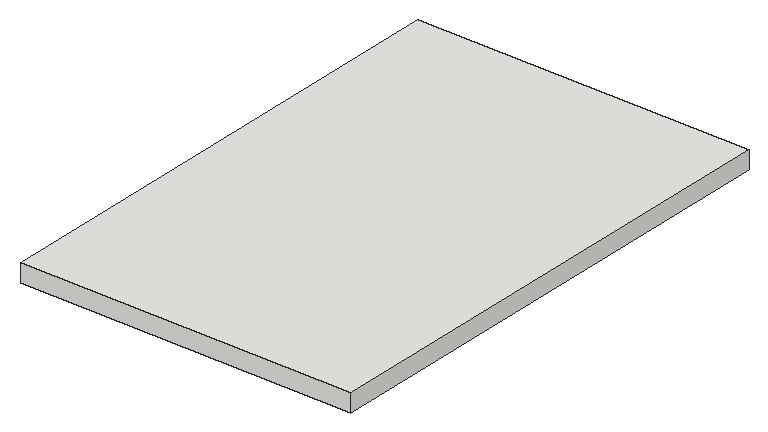
Revit family "SURVIVOR069xxWS8xxKx", category Leuchten, Revit 2024
Family settings
  Basisbauteil = Fläche
  Bemaßung runder Anschluss = Durchmesser verwenden
  Teiletyp = Normal
  OmniClass-Nummer = 23.80.70.11
  OmniClass-Titel = Luminaries for Internal Lighting
  Beim Laden mit Abzugskörper schneiden = Nein
  Lichtquelle = Ja
  Beschriftungsausrichtung beibehalten = Nein
  Gemeinsam genutzt = Nein
  Raumberechnungspunkt = Nein
Parameters (values of type "SURVIVOR069NDWS840K0300-RF")
  width = 240 mm  # constant formula
  weight = "6.2"
  voltage type (AC, DC, UC) = "AC"
  rated input power = 18
  product name = "SURVIVOR069NDWS840K0300-RF"
  nominal voltage = "230"
  nominal frequency = "50-60Hz"
  length = 690 mm  # constant formula
  ingress protection (IP) code = "IP65"
  height = 73 mm  # constant formula
  electrical safety class = "1"
  control gear = ""
  conformity mark = "CE"  # constant formula
  brand = "RIDI"
  approval mark = ""
  built-in parameter 1150104 = 13.8 (stored number, unit not read)
  Wattage = 18.8499 W
  Von Breite des Rechtecks ausssenden = 618 mm
  Von Länge des Rechtecks aussenden = 181 mm  # constant formula
  Default Elevation = 0 mm
  built-in parameter 1150113 = 1 (stored number, unit not read)
  built-in parameter 1114218 = 1 (stored number, unit not read)
  URL = "www.ridi.de"
  built-in parameter 1150134 = 12
  built-in parameter 1150109 = 1 (stored number, unit not read)
  built-in parameter 1150110 = 1 (stored number, unit not read)
  Apparent Load = 18 VA
  Tilt Angle = 90.00°
  Modell = "0622206//420"
  built-in parameter 1114217 = 1 (stored number, unit not read)
  built-in parameter 1150139 = (empty or 0)
  built-in parameter 1150105 = 222.82 (stored number, unit not read)
  built-in parameter 1150114 = 1 (stored number, unit not read)
  Lumens = 2800 lm
  built-in parameter 1150115 = 1 (stored number, unit not read)
  built-in parameter 1150112 = 1 (stored number, unit not read)
  Lampe = "LED"
  Hersteller = "RIDI Leuchten GmbH"  # constant formula
  Dimming Lamp Color Temperature Shift = (empty or 0)
  Color Filter = 16777215
  built-in parameter 1150133 = 10 (stored number, unit not read)
  Emit Shape Visible in Rendering = no
  built-in parameter 1150137 = (empty or 0)
  built-in parameter 1150132 = 2
  Datei für fotometrisches Netz = "SURVIVOR160DAWS840K0700.IES"
  Copyright = "© RIDI. All rights reserved."  # constant formula
  built-in parameter 1150106 = 2.2282 (stored number, unit not read)
  Baugruppenkennzeichen = "D5020200"
  built-in parameter 1150107 = 4000 (stored number, unit not read)
  built-in parameter 1150102 = (empty or 0)
  built-in parameter 1150138 = (empty or 0)
Types (5, lengths in mm): name | rated input power | product name | Wattage | built-in parameter 1150134 | Apparent Load | Modell | built-in parameter 1150105 | Lumens | built-in parameter 1150106 | built-in parameter 1150107
  (no name) | 18 | "SURVIVOR069NDWS840K0300-RF" | 18.8499 W | 12 | 18 VA | "0622206//420" | 222.82 (stored number, unit not read) | 2800 lm | 2.2282 (stored number, unit not read) | 4000 (stored number, unit not read)
  SURVIVOR069DAWS830K0250 | 19 | "SURVIVOR069DAWS830K0250" | 18.7153 W | (empty or 0) | 19 VA | "0632202" | 221.23 (stored number, unit not read) | 2780 lm | 2.2123 (stored number, unit not read) | 3000 (stored number, unit not read)
  SURVIVOR069DAWS840K0300 | 19 | "SURVIVOR069DAWS840K0300" | 19.7251 W | 12 | 19 VA | "0632206" | 233.16 (stored number, unit not read) | 2930 lm | 2.3316 (stored number, unit not read) | 4000 (stored number, unit not read)
  SURVIVOR069NDWS830K0250-RF | 19 | "SURVIVOR069NDWS830K0250-RF" | 18.7153 W | (empty or 0) | 19 VA | "0622202//420" | 221.23 (stored number, unit not read) | 2780 lm | 2.2123 (stored number, unit not read) | 3000 (stored number, unit not read)
  SURVIVOR069NDWS840K0300-RF | 18 | "SURVIVOR069NDWS840K0300-RF" | 18.8499 W | 12 | 18 VA | "0622206//420" | 222.82 (stored number, unit not read) | 2800 lm | 2.2282 (stored number, unit not read) | 4000 (stored number, unit not read)
Reference planes
  plane 1 "Mitte (Vorne/hinten)": y = 0
  plane 2: z = 0
  plane 3 "Mitte (Links/rechts)": x = 0
  plane 4: z = 1200
Forms (mm)
  Extrusion 1, solid
    sketch origin (219.2, 280.8, 0) x (1, 0, 0) y (0, 1, 0)
      loop
        line (-1219.2, 1219.2) -> (-1219.2, -1780.8) -> (780.8, -1780.8) -> (780.8, 1219.2) -> (-1219.2, 1219.2)
    from 0 to -107.307
Dimensions and locks
  plane 4 to Extrusion 1 = 1200 mm
  aligned and locked: plane 2 to Extrusion 1
  aligned and locked: level to Extrusion 1
Connectors
  electrical at (53.526, -319.1, 2.275), driven by "Apparent Load"
    settings: on import instance, index 1, voltage 230 V, apparent load 0 VA, apparent load phase1 18 VA, apparent load phase2 0 VA, apparent load phase3 0 VA, power factor 1, load classification "Lighting", number of poles 1, system type 31, power factor state 1, is connector primary yes, connector utility no, sub classification motor no, connector description ""
